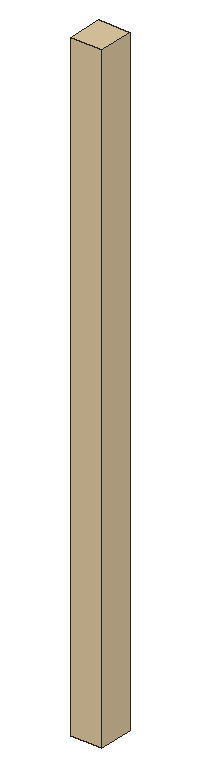
Revit family "M_Glulam-Pinho do sul-Coluna", category Pilares estruturais, Revit 2019
Family settings
  Forma do corte = Não definido
  Material para o comportamento do modelo = Madeira
  Exportar sempre como geometria = Não
  Redução da viga na planta = Da caixa de vinculação
  Número OmniClass = 23.25.30.11.14.11
  Título OmniClass = Columns
  ID de item do Seek = Glulam-Southern Pine-Column-0000-CAN-ENU
  Corte com vazios quando carregada = Não
  Representação simbólica = Das configurações de projeto
  Compartilhado = Não
  Exibir o pré-corte da família na vista da planta = Sim
Parameters (values of type "127x140")
  b = 127 mm
  d = 140 mm
  Structural Material [instance] = Madeira de Conífera, Madeira
Types (3, lengths in mm): name | b
  (no name) | 127
  76x140 | 76
  127x140 | 127
Reference planes
  plane 1 "Centro (Frente/Trás)": y = 0
  plane 2: z = 0
  plane 3 "Centro (Esquerda/Direita)": x = 0
  plane 4: x = -63.5
  plane 5: x = 63.5
  plane 6: y = 70
  plane 7: y = -70
Forms (mm)
  Extrusion 1, solid, material "Madeira de Conífera, Madeira" <- "Structural Material", detail levels medium+fine
    sketch origin (0, 0, 0) x (1, 0, 0) y (0, 1, 0)
      loop
        line (-63.5, 70) -> (-63.5, -70) -> (63.5, -70) -> (63.5, 70) -> (-63.5, 70)
    from 0 to 2500
Lines and regions (mm)
  symbolic lines, style "StructuralColumnStickSymbols", detail levels coarse
    curve 1: line (-63.5, 70, 0) -> (63.5, 70, 0)
    curve 2: line (-63.5, -70, 0) -> (63.5, -70, 0)
    curve 3: line (-63.5, 70, 0) -> (-63.5, -70, 0)
    curve 4: line (63.5, 70, 0) -> (63.5, -70, 0)
Dimensions and locks
  equal spacing: plane 4, plane 3 "Centro (Esquerda/Direita)", plane 5
  equal spacing: plane 7, plane 1 "Centro (Frente/Trás)", plane 6
  "d": plane 7 to plane 6
  "b": plane 4 to plane 5
  aligned and locked: plane 6 to Extrusion 1 sketch curve
  aligned and locked: Extrusion 1 sketch curve to plane 7
  aligned and locked: Extrusion 1 sketch curve to plane 4
  aligned and locked: plane 5 to Extrusion 1 sketch curve
  aligned and locked: level to Extrusion 1
  aligned and locked: level to plane 2
  aligned and locked: Extrusion 1 to plane 2
Automatic sketch dimensions
  curve 3 to plane 4 = 0 mm
  curve 4 to plane 5 = 0 mm
  curve 3 to plane 7 = 0 mm
  curve 3 to plane 6 = 0 mm
